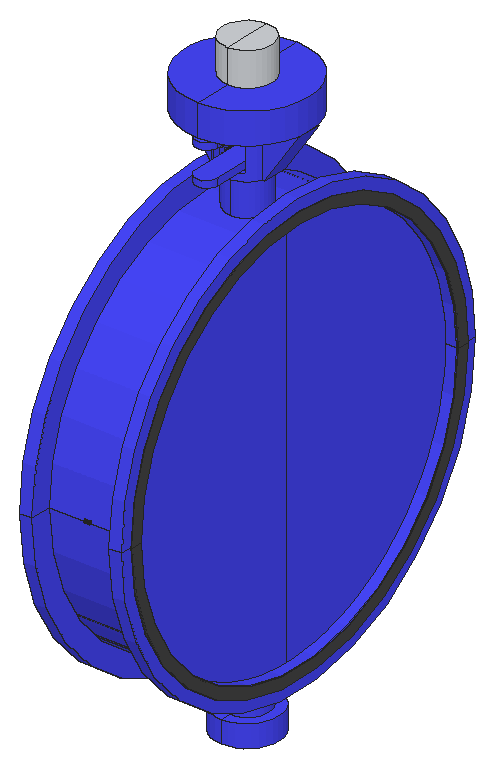
Revit family "926-00-001-DN80-1800", category Pipe Accessories, Revit 2022 (continued)
Types (34, lengths in mm): name | total_FL_legth | rib_Loctn | logo | bottom_support_T | bottom_Shaft_T | bottom_Shaft_R | Wedge | URL_product_pages | Top_Rib | Top_Flange_T | Top_Flange_R_T | Top_Flange_R | Top_Flange1 | Top _Flange_dim2 | Top _Flange_dim1 | Stem_R | Slt | Slot_dim1 | Slot_T | Seal_R | Rib_shaft1 | Rib_shaft | Rib_T | Rib_R | Retainer | Raised_dis | Raised_R | PCD | L | Hole_R | FL_T | FL_R | E | DN900_PN16 | DN900_PN10 | DN800_PN16 | DN800_PN10 | DN750_PN16 | DN750_PN10 | DN700_PN16 | DN700_PN10 | DN600_PN16 | DN600_PN10 | DN500_PN16 | DN500_PN10 | DN400_PN16 | DN400_PN10 | DN350_PN16 | DN350_PN10 | DN300_PN16 | DN300_PN10 | DN250_PN16 | DN250_PN10 | DN200_PN16 | DN200_PN10 | DN1800_PN16 | DN1800_PN10 | DN150_PN10/16 | DN1500_PN16 | DN1500_PN10 | DN1200_PN16 | DN1200_PN10 | DN100_PN10/16 | DN1000_PN16 | DN1000_PN10 | DN080_PN10/16 | DN | D | C | Bore_R | Body_shaft_R3_T | Body_shaft_R3 | Body_shaft_R2_T | Body_shaft_R2 | Body_shaft_R1 | Body_rib_W | Body_rib_L | Body_end_shaft_R | Body_T | B | A
  DN1200_PN10 | 373.5 | 48 | 605 | 144 | 24 | 149.76 | 293.077 | "https://www.avkvalves.com/P.aspx?no=92605012020140100000" | 71.5 | 75 | 50 | 207.5 | 114.4 | 66 | 72.384 | 60 | 110 | 16 | 25 | 63.5 | 96 | 124.8 | 23.333 | 71.5 | 40 | 5 | 664 | 1355 | 7.5 | 18.5 | 40 | 680 | 180 | "926-900-00-020020100000" | "926-900-00-010020100000" | "926-800-00-020020100000" | "926-800-00-010020100000" | "926-750-00-020020100000" | "926-750-00-010020100000" | "926-700-00-020020100000" | "926-700-00-010020100000" | "926-600-00-020040100000" | "926-600-00-010040100000" | "926-500-00-020040100000" | "926-500-00-010040100000" | "926-400-00-020040100000" | "926-400-00-010040100000" | "926-350-00-020040100000" | "926-350-00-010040100000" | "926-300-00-020040100000" | "926-300-00-010040100000" | "926-250-00-020040100000" | "926-250-00-010040100000" | "926-200-00-020040100000" | "926-200-00-010040100000" | "926-A18-00-020020100000" | "926-A18-00-010020100000" | "926-150-00-020040100000" | "926-A15-00-020020100000" | "926-A15-00-010020100000" | "926-A12-00-020020100000" | "926-A12-00-010020100000" | "926-100-00-020140100000" | "926-A10-00-020020100000" | "926-A10-00-010020100000" | "926-080-00-020140100000" | 1200 | 143 | 1080 | 600 | 33 | 124.8 | 114.4 | 96 | 166.75 | 60 | 120 | 181.75 | 3 | 850 | 381
  DN1200_PN16 | 373.5 | 48 | 605 | 144 | 24 | 149.76 | 293.077 | "https://www.avkvalves.com/P.aspx?no=92605012020140100000" | 71.5 | 143 | 50 | 207.5 | 114.4 | 66 | 72.384 | 60 | 110 | 16 | 25 | 63.5 | 96 | 124.8 | 30 | 71.5 | 40 | 5 | 664 | 1370 | 7.5 | 18.5 | 50 | 680 | 180 | "926-900-00-020020100000" | "926-900-00-010020100000" | "926-800-00-020020100000" | "926-800-00-010020100000" | "926-750-00-020020100000" | "926-750-00-010020100000" | "926-700-00-020020100000" | "926-700-00-010020100000" | "926-600-00-020040100000" | "926-600-00-010040100000" | "926-500-00-020040100000" | "926-500-00-010040100000" | "926-400-00-020040100000" | "926-400-00-010040100000" | "926-350-00-020040100000" | "926-350-00-010040100000" | "926-300-00-020040100000" | "926-300-00-010040100000" | "926-250-00-020040100000" | "926-250-00-010040100000" | "926-200-00-020040100000" | "926-200-00-010040100000" | "926-A18-00-020020100000" | "926-A18-00-010020100000" | "926-150-00-020040100000" | "926-A15-00-020020100000" | "926-A15-00-010020100000" | "926-A12-00-020020100000" | "926-A12-00-010020100000" | "926-100-00-020140100000" | "926-A10-00-020020100000" | "926-A10-00-010020100000" | "926-080-00-020140100000" | 1200.1 | 143 | 1080 | 600 | 33 | 124.8 | 114.4 | 96 | 161.75 | 60 | 120 | 181.75 | 3 | 850 | 381
  DN1500_PN10 | 373.5 | 48 | 755 | 144 | 24 | 149.76 | 293.077 | "https://www.avkvalves.com/P.aspx?no=92605012020140100000" | 90 | 143 | 54 | 237.5 | 120 | 66 | 72.384 | 70 | 125 | 16 | 27 | 95 | 96 | 124.8 | 30 | 90 | 35 | 5 | 850 | 1700 | 7.5 | 24.5 | 50 | 820 | 170 | "926-900-00-020020100000" | "926-900-00-010020100000" | "926-800-00-020020100000" | "926-800-00-010020100000" | "926-750-00-020020100000" | "926-750-00-010020100000" | "926-700-00-020020100000" | "926-700-00-010020100000" | "926-600-00-020040100000" | "926-600-00-010040100000" | "926-500-00-020040100000" | "926-500-00-010040100000" | "926-400-00-020040100000" | "926-400-00-010040100000" | "926-350-00-020040100000" | "926-350-00-010040100000" | "926-300-00-020040100000" | "926-300-00-010040100000" | "926-250-00-020040100000" | "926-250-00-010040100000" | "926-200-00-020040100000" | "926-200-00-010040100000" | "926-A18-00-020020100000" | "926-A18-00-010020100000" | "926-150-00-020040100000" | "926-A15-00-020020100000" | "926-A15-00-010020100000" | "926-A12-00-020020100000" | "926-A12-00-010020100000" | "926-100-00-020140100000" | "926-A10-00-020020100000" | "926-A10-00-010020100000" | "926-080-00-020140100000" | 1500 | 180 | 1290 | 750 | 33 | 124.8 | 144 | 96 | 161.75 | 60 | 120 | 181.75 | 3 | 1050 | 381
  DN1500_PN16 | 373.5 | 48 | 755 | 144 | 24 | 149.76 | 293.077 | "https://www.avkvalves.com/P.aspx?no=92605012020140100000" | 90 | 140 | 54 | 237.5 | 120 | 66 | 72.384 | 70 | 125 | 16 | 27 | 95 | 96 | 124.8 | 30 | 90 | 35 | 5 | 850 | 1700 | 7.5 | 28 | 50 | 820 | 170 | "926-900-00-020020100000" | "926-900-00-010020100000" | "926-800-00-020020100000" | "926-800-00-010020100000" | "926-750-00-020020100000" | "926-750-00-010020100000" | "926-700-00-020020100000" | "926-700-00-010020100000" | "926-600-00-020040100000" | "926-600-00-010040100000" | "926-500-00-020040100000" | "926-500-00-010040100000" | "926-400-00-020040100000" | "926-400-00-010040100000" | "926-350-00-020040100000" | "926-350-00-010040100000" | "926-300-00-020040100000" | "926-300-00-010040100000" | "926-250-00-020040100000" | "926-250-00-010040100000" | "926-200-00-020040100000" | "926-200-00-010040100000" | "926-A18-00-020020100000" | "926-A18-00-010020100000" | "926-150-00-020040100000" | "926-A15-00-020020100000" | "926-A15-00-010020100000" | "926-A12-00-020020100000" | "926-A12-00-010020100000" | "926-100-00-020140100000" | "926-A10-00-020020100000" | "926-A10-00-010020100000" | "926-080-00-020140100000" | 1500.1 | 180 | 1290 | 750 | 33 | 124.8 | 144 | 96 | 161.75 | 60 | 120 | 181.75 | 3 | 1050 | 381
  DN1800_PN10 | 459.5 | 48 | 905 | 144 | 6 | 149.76 | 359.231 | "https://www.avkvalves.com/P.aspx?no=92605012020140100000" | 110 | 140 | 58 | 280 | 140 | 66 | 72.384 | 70 | 100 | 16 | 29 | 78.5 | 96 | 124.8 | 33.333 | 110 | 50 | 5 | 975 | 2020 | 7.5 | 24.5 | 55 | 1000 | 150 | "926-900-00-020020100000" | "926-900-00-010020100000" | "926-800-00-020020100000" | "926-800-00-010020100000" | "926-750-00-020020100000" | "926-750-00-010020100000" | "926-700-00-020020100000" | "926-700-00-010020100000" | "926-600-00-020040100000" | "926-600-00-010040100000" | "926-500-00-020040100000" | "926-500-00-010040100000" | "926-400-00-020040100000" | "926-400-00-010040100000" | "926-350-00-020040100000" | "926-350-00-010040100000" | "926-300-00-020040100000" | "926-300-00-010040100000" | "926-250-00-020040100000" | "926-250-00-010040100000" | "926-200-00-020040100000" | "926-200-00-010040100000" | "926-A18-00-020020100000" | "926-A18-00-010020100000" | "926-150-00-020040100000" | "926-A15-00-020020100000" | "926-A15-00-010020100000" | "926-A12-00-020020100000" | "926-A12-00-010020100000" | "926-100-00-020140100000" | "926-A10-00-020020100000" | "926-A10-00-010020100000" | "926-080-00-020140100000" | 1800 | 220 | 1430 | 900 | 33 | 124.8 | 176 | 96 | 202.25 | 15 | 120 | 224.75 | 3 | 1230 | 467
  DN1800_PN16 | 459.5 | 48 | 905 | 144 | 6 | 149.76 | 359.231 | "https://www.avkvalves.com/P.aspx?no=92608000020140100000" | 110 | 140 | 58 | 280 | 140 | 66 | 72.384 | 70 | 100 | 16 | 29 | 78.5 | 96 | 124.8 | 33.333 | 110 | 50 | 5 | 975 | 2020 | 7.5 | 24.5 | 55 | 1000 | 150 | "926-900-00-020020100000" | "926-900-00-010020100000" | "926-800-00-020020100000" | "926-800-00-010020100000" | "926-750-00-020020100000" | "926-750-00-010020100000" | "926-700-00-020020100000" | "926-700-00-010020100000" | "926-600-00-020040100000" | "926-600-00-010040100000" | "926-500-00-020040100000" | "926-500-00-010040100000" | "926-400-00-020040100000" | "926-400-00-010040100000" | "926-350-00-020040100000" | "926-350-00-010040100000" | "926-300-00-020040100000" | "926-300-00-010040100000" | "926-250-00-020040100000" | "926-250-00-010040100000" | "926-200-00-020040100000" | "926-200-00-010040100000" | "926-A18-00-020020100000" | "926-A18-00-010020100000" | "926-150-00-020040100000" | "926-A15-00-020020100000" | "926-A15-00-010020100000" | "926-A12-00-020020100000" | "926-A12-00-010020100000" | "926-100-00-020140100000" | "926-A10-00-020020100000" | "926-A10-00-010020100000" | "926-080-00-020140100000" | 1800 | 220 | 1430 | 900 | 33 | 124.8 | 176 | 96 | 202.25 | 15 | 120 | 224.75 | 3 | 1230 | 467
  DN350_PN10 | 197 | 26.8 | 191 | 80.4 | 12.4 | 83.616 | 156.154 | "https://www.avkvalves.com/P.aspx?no=92605012020140100000" | 18 | 28.8 | 44 | 75 | 28.8 | 32 | 40.414 | 27 | 36 | 7 | 22 | 16 | 45 | 69.68 | 13.667 | 18 | 16 | 4 | 214.5 | 440 | 6 | 11.5 | 24.5 | 207 | 41 | "926-900-00-020020100000" | "926-900-00-010020100000" | "926-800-00-020020100000" | "926-800-00-010020100000" | "926-750-00-020020100000" | "926-750-00-010020100000" | "926-700-00-020020100000" | "926-700-00-010020100000" | "926-600-00-020040100000" | "926-600-00-010040100000" | "926-500-00-020040100000" | "926-500-00-010040100000" | "926-400-00-020040100000" | "926-400-00-010040100000" | "926-350-00-020040100000" | "926-350-00-010040100000" | "926-300-00-020040100000" | "926-300-00-010040100000" | "926-250-00-020040100000" | "926-250-00-010040100000" | "926-200-00-020040100000" | "926-200-00-010040100000" | "926-A18-00-020020100000" | "926-A18-00-010020100000" | "926-150-00-020040100000" | "926-A15-00-020020100000" | "926-A15-00-010020100000" | "926-A12-00-020020100000" | "926-A12-00-010020100000" | "926-100-00-020140100000" | "926-A10-00-020020100000" | "926-A10-00-010020100000" | "926-080-00-020140100000" | 350 | 36 | 420 | 175 | 16 | 69.68 | 28.8 | 53.6 | 86.25 | 31 | 67 | 94.5 | 14 | 290 | 203
  DN350_PN16 | 197 | 26.8 | 191 | 80.4 | 12.4 | 83.616 | 156.154 | "https://www.avkvalves.com/P.aspx?no=92605012020140100000" | 18 | 28.8 | 44 | 75 | 28.8 | 32 | 40.414 | 27 | 36 | 7 | 22 | 18.25 | 45 | 60 | 15 | 18 | 18.25 | 4 | 214.5 | 440 | 6 | 13 | 26.5 | 211.5 | 41 | "926-900-00-020020100000" | "926-900-00-010020100000" | "926-800-00-020020100000" | "926-800-00-010020100000" | "926-750-00-020020100000" | "926-750-00-010020100000" | "926-700-00-020020100000" | "926-700-00-010020100000" | "926-600-00-020040100000" | "926-600-00-010040100000" | "926-500-00-020040100000" | "926-500-00-010040100000" | "926-400-00-020040100000" | "926-400-00-010040100000" | "926-350-00-020040100000" | "926-350-00-010040100000" | "926-300-00-020040100000" | "926-300-00-010040100000" | "926-250-00-020040100000" | "926-250-00-010040100000" | "926-200-00-020040100000" | "926-200-00-010040100000" | "926-A18-00-020020100000" | "926-A18-00-010020100000" | "926-150-00-020040100000" | "926-A15-00-020020100000" | "926-A15-00-010020100000" | "926-A12-00-020020100000" | "926-A12-00-010020100000" | "926-100-00-020140100000" | "926-A10-00-020020100000" | "926-A10-00-010020100000" | "926-080-00-020140100000" | 350.1 | 36 | 420 | 175 | 16 | 69.68 | 28.8 | 53.6 | 85.25 | 31 | 67 | 94.5 | 14 | 290 | 203
  DN500_PN10 | 197 | 31.2 | 255 | 93.6 | 16.4 | 97.344 | 156.154 | "https://www.avkvalves.com/P.aspx?no=92605012020140100000" | 23 | 36.8 | 44 | 105 | 36.8 | 32 | 47.05 | 34.5 | 46 | 7 | 22 | 12.5 | 62.4 | 81.12 | 14.333 | 23 | 12.5 | 4 | 265 | 565 | 6 | 14 | 25.5 | 275 | 65 | "926-900-00-020020100000" | "926-900-00-010020100000" | "926-800-00-020020100000" | "926-800-00-010020100000" | "926-750-00-020020100000" | "926-750-00-010020100000" | "926-700-00-020020100000" | "926-700-00-010020100000" | "926-600-00-020040100000" | "926-600-00-010040100000" | "926-500-00-020040100000" | "926-500-00-010040100000" | "926-400-00-020040100000" | "926-400-00-010040100000" | "926-350-00-020040100000" | "926-350-00-010040100000" | "926-300-00-020040100000" | "926-300-00-010040100000" | "926-250-00-020040100000" | "926-250-00-010040100000" | "926-200-00-020040100000" | "926-200-00-010040100000" | "926-A18-00-020020100000" | "926-A18-00-010020100000" | "926-150-00-020040100000" | "926-A15-00-020020100000" | "926-A15-00-010020100000" | "926-A12-00-020020100000" | "926-A12-00-010020100000" | "926-100-00-020140100000" | "926-A10-00-020020100000" | "926-A10-00-010020100000" | "926-080-00-020140100000" | 500 | 46 | 511 | 250 | 16 | 81.12 | 36.8 | 62.4 | 85.75 | 41 | 78 | 94.5 | 3 | 380 | 203
